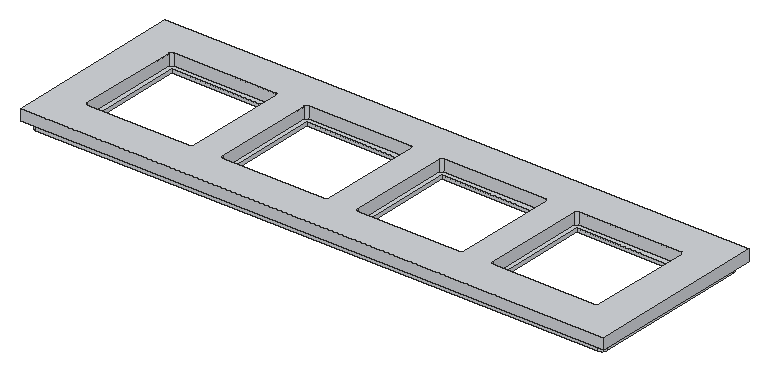
Revit family "Gira_0214127", category Electrical Fixtures, host Face, Revit 2017
Family settings
  Host = Face
  Maintain Annotation Orientation = No
  Round Connector Dimension = Use Diameter
  Part Type = Normal
  Cut with Voids When Loaded = No
  Shared = No
  Room Calculation Point = No
Parameters (values of type "Cov.fr. 4-g Gira Esprit alum.brown")
  With mounting grid = "No"
  With hinged lid = "No"
  URL = "http://katalog.gira.de/en/datenblatt.html?artikelnr=0214127"
  Type of fastening = "Clamp mounting"
  Transparent = "No"
  Surface protection = "Other"
  Suitable for wall duct = "No"
  Suitable for flush-mounted installation = "Yes"
  Suitable for floor box = "No"
  Suitable for built-in installation = "No"
  Number of units vertical = "4"
  Number of units horizontal = "4"
  Number of units = "4"
  Name = "Cov.fr. 4-g Gira Esprit alum.brown"
  Mounting direction = "Horizontal and vertical"
  Material quality = "Aluminium"
  Material = "Metal"
  Manufacturer URL = "https://www.gira.de/"
  Manufacturer = "Gira"
  Label space/information surface = "No"
  Keynote = ""
  HeinzeBIM = "https://bimportal.heinze.de/bim/cov-fr-4-g-gira-esprit-alum-brown/caea929750bf8a12351c1b1000153ecbe454168f"
  Halogen free = "Yes"
  HAN = "0214127"
  GTIN = "4010337109112"
  Description = "Cov.fr.4g Espr. AlBn,Gira Esprit cover frame,aluminium brown,4-gang,Features:,- Anodised aluminium E 1. Colour deviations are possible."
  Degree of protection (IP) = "IP20"
  Default Elevation = 1219.2 mm
  Data sheet (1) = "https://katalog.gira.de/en/download.html?artikelnr=0214127"
  Colour = "Brown"
  Category = "Cover frame for domestic switching devices"
  BIM (1) = "https://media.stage.bim.site/public/gira/36a6b08/Espr._Rahmen_4fach.rfa"
  Available = "No"
Reference planes
  plane 1 "Center (Front/Back)": y = 0
  plane 2: z = 0
  plane 3 "Center (Left/Right)": x = 0
Forms (mm)
  Extrusion 1, solid, detail levels fine
    sketch origin (0, 0, 0) x (1, 0, 0) y (0, 1, 0)
      loop
        line (-154, 47.5) -> (-154, -47.5) -> (154, -47.5) -> (154, 47.5) -> (-154, 47.5)
      loop
        arc (-135.25, -26.8) -> (-134.811, -27.861) -> (-133.75, -28.3) r 1.5
        line (-133.75, -28.3) -> (-80.15, -28.3)
        arc (-80.15, -28.3) -> (-79.089, -27.861) -> (-78.65, -26.8) r 1.5
        line (-78.65, -26.8) -> (-78.65, 26.8)
        arc (-78.65, 26.8) -> (-79.089, 27.861) -> (-80.15, 28.3) r 1.5
        line (-80.15, 28.3) -> (-133.75, 28.3)
        arc (-133.75, 28.3) -> (-134.811, 27.861) -> (-135.25, 26.8) r 1.5
        line (-135.25, 26.8) -> (-135.25, -26.8)
      loop
        arc (-63.95, -26.8) -> (-63.511, -27.861) -> (-62.45, -28.3) r 1.5
        line (-62.45, -28.3) -> (-8.85, -28.3)
        arc (-8.85, -28.3) -> (-7.789, -27.861) -> (-7.35, -26.8) r 1.5
        line (-7.35, -26.8) -> (-7.35, 26.8)
        arc (-7.35, 26.8) -> (-7.789, 27.861) -> (-8.85, 28.3) r 1.5
        line (-8.85, 28.3) -> (-62.45, 28.3)
        arc (-62.45, 28.3) -> (-63.511, 27.861) -> (-63.95, 26.8) r 1.5
        line (-63.95, 26.8) -> (-63.95, -26.8)
      loop
        arc (7.35, -26.8) -> (7.789, -27.861) -> (8.85, -28.3) r 1.5
        line (8.85, -28.3) -> (62.45, -28.3)
        arc (62.45, -28.3) -> (63.511, -27.861) -> (63.95, -26.8) r 1.5
        line (63.95, -26.8) -> (63.95, 26.8)
        arc (63.95, 26.8) -> (63.511, 27.861) -> (62.45, 28.3) r 1.5
        line (62.45, 28.3) -> (8.85, 28.3)
        arc (8.85, 28.3) -> (7.789, 27.861) -> (7.35, 26.8) r 1.5
        line (7.35, 26.8) -> (7.35, -26.8)
      loop
        arc (78.65, -26.8) -> (79.089, -27.861) -> (80.15, -28.3) r 1.5
        line (80.15, -28.3) -> (133.75, -28.3)
        arc (133.75, -28.3) -> (134.811, -27.861) -> (135.25, -26.8) r 1.5
        line (135.25, -26.8) -> (135.25, 26.8)
        arc (135.25, 26.8) -> (134.811, 27.861) -> (133.75, 28.3) r 1.5
        line (133.75, 28.3) -> (80.15, 28.3)
        arc (80.15, 28.3) -> (79.089, 27.861) -> (78.65, 26.8) r 1.5
        line (78.65, 26.8) -> (78.65, -26.8)
    from 0 to 6
  Extrusion 2, solid, detail levels fine
    sketch origin (0, 0, 0) x (1, 0, 0) y (0, 1, 0)
      loop
        line (-132.85, -25.7) -> (-81.05, -25.7) -> (-81.05, 25.7) -> (-132.85, 25.7) -> (-132.85, -25.7)
      loop
        line (61.55, 25.7) -> (9.75, 25.7) -> (9.75, -25.7) -> (61.55, -25.7) -> (61.55, 25.7)
      loop
        arc (-149.85, -41.4) -> (-149.323, -42.673) -> (-148.05, -43.2) r 1.8
        line (-148.05, -43.2) -> (148.05, -43.2)
        arc (148.05, -43.2) -> (149.323, -42.673) -> (149.85, -41.4) r 1.8
        line (149.85, -41.4) -> (149.85, 41.4)
        arc (149.85, 41.4) -> (149.323, 42.673) -> (148.05, 43.2) r 1.8
        line (148.05, 43.2) -> (-148.05, 43.2)
        arc (-148.05, 43.2) -> (-149.323, 42.673) -> (-149.85, 41.4) r 1.8
        line (-149.85, 41.4) -> (-149.85, -41.4)
      loop
        line (-9.75, 25.7) -> (-61.55, 25.7) -> (-61.55, -25.7) -> (-9.75, -25.7) -> (-9.75, 25.7)
      loop
        line (132.85, 25.7) -> (81.05, 25.7) -> (81.05, -25.7) -> (132.85, -25.7) -> (132.85, 25.7)
    from -1.9 to 0
  Extrusion 3, solid, detail levels fine
    sketch origin (0, 0, 0) x (1, 0, 0) y (0, 1, 0)
      loop
        arc (-148.05, 44.4) -> (-150.171, 43.521) -> (-151.05, 41.4) r 3
        line (-151.05, 41.4) -> (-151.05, -41.4)
        arc (-151.05, -41.4) -> (-150.171, -43.521) -> (-148.05, -44.4) r 3
        line (-148.05, -44.4) -> (148.05, -44.4)
        arc (148.05, -44.4) -> (150.171, -43.521) -> (151.05, -41.4) r 3
        line (151.05, -41.4) -> (151.05, 41.4)
        arc (151.05, 41.4) -> (150.171, 43.521) -> (148.05, 44.4) r 3
        line (148.05, 44.4) -> (-148.05, 44.4)
      loop
        arc (-149.85, -41.4) -> (-149.323, -42.673) -> (-148.05, -43.2) r 1.8
        line (-148.05, -43.2) -> (148.05, -43.2)
        arc (148.05, -43.2) -> (149.323, -42.673) -> (149.85, -41.4) r 1.8
        line (149.85, -41.4) -> (149.85, 41.4)
        arc (149.85, 41.4) -> (149.323, 42.673) -> (148.05, 43.2) r 1.8
        line (148.05, 43.2) -> (-148.05, 43.2)
        arc (-148.05, 43.2) -> (-149.323, 42.673) -> (-149.85, 41.4) r 1.8
        line (-149.85, 41.4) -> (-149.85, -41.4)
    from -3.7 to 0
  Extrusion 4, solid, detail levels medium
    sketch origin (0, 0, 0) x (1, 0, 0) y (0, 1, 0)
      loop
        line (-154, 47.5) -> (-154, -47.5) -> (154, -47.5) -> (154, 47.5) -> (-154, 47.5)
    from 0 to 6
  Extrusion 5, solid, detail levels medium
    sketch origin (0, 0, 0) x (1, 0, 0) y (0, 1, 0)
      loop
        line (-154, 44.4) -> (-154, -44.4) -> (154, -44.4) -> (154, 44.4) -> (-154, 44.4)
    from -3.7 to 0
  Extrusion 6, solid, detail levels coarse
    sketch origin (0, 0, 0) x (1, 0, 0) y (0, 1, 0)
      loop
        line (-154, 47.5) -> (-154, -47.5) -> (154, -47.5) -> (154, 47.5) -> (-154, 47.5)
    from -3.7 to 6
Dimensions and locks
  aligned and locked: plane 2 to host face
  aligned and locked: level to host face
